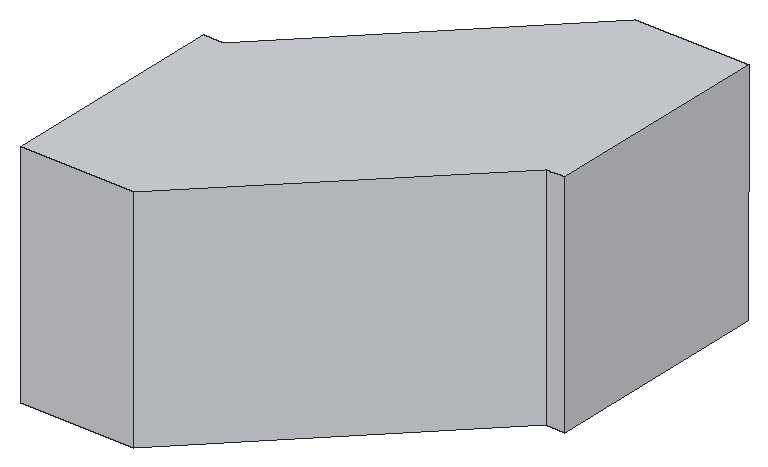
Revit family "M_Rectangular Offset - Plain - Flanged", category Duct Fittings, Revit 2014
Parameters (values of type "Standard")
  Offset 1 [instance] = Length 3 + Offset  # 3962.4 mm
  Length 3 [instance] = 3657.6 mm  # constant formula
  Duct Width [instance] = 304.8 mm
  Shoulder [instance] = 25.4 mm
  Length 1 [instance] = (Duct Width * tan(Angle / 2)) / 2 + Shoulder  # 88.526 mm
  Length 2 [instance] = abs(Offset / tan(Angle)) / 2  # 152.4 mm
  Duct Height [instance] = 304.8 mm
  Offset [instance] = 304.8 mm
  Assembly Code = ""
  Angle [instance] = 45.00°
Reference planes
  plane 1 "Center (Front/Back)": y = 0
  plane 2: z = 0
  plane 3 "Center (Left/Right)": x = 0
  plane 4: y = 152.4
  plane 5: x = 88.526
  plane 6: x = 240.926
  plane 7: x = 393.326
  plane 8: x = 481.852
  plane 9: y = 304.8
  plane 10: y = -3657.6
Forms (mm)
  Sweep 1, solid, detail levels medium+fine
    path in 3D
      loop
        line (0, 0, 0) -> (88.526, 0, 0) -> (393.326, 304.8, 0) -> (481.852, 304.8, 0)
    profile "M_Duct - Rectangular : Duct - Rectangular" origin (44.263, 0, 0) x (0, 1, 0) y (0, 0, 1)
      loop
        line (-152.4, 152.4) -> (-152.4, -152.4) -> (152.4, -152.4) -> (152.4, 152.4) -> (-152.4, 152.4)
Lines and regions (mm)
  model lines, detail levels coarse
    curve 1: line (0, 0, 0) -> (88.526, 0, 0)
    curve 2: line (88.526, 0, 0) -> (393.326, 304.8, 0)
    curve 3: line (393.326, 304.8, 0) -> (481.852, 304.8, 0)
  sketch lines
    curve 4: line (0, 0, 0) -> (88.526, 0, 0)
    curve 5: line (88.526, 0, 0) -> (393.326, 304.8, 0)
    curve 6: line (393.326, 304.8, 0) -> (481.852, 304.8, 0)
Dimensions and locks
  "Length 1": plane 3 "Center (Left/Right)" to plane 5
  "Length 2": plane 5 to plane 6
  "Length 2": plane 6 to plane 7
  "Length 1": plane 7 to plane 8
  equal spacing: plane 1 "Center (Front/Back)", plane 4, plane 9
  "Length 3": plane 10 to plane 1 "Center (Front/Back)"
  "Offset 1": plane 10 to plane 9
  aligned and locked: plane 3 "Center (Left/Right)" to curve 1
  aligned and locked: plane 1 "Center (Front/Back)" to curve 1
  aligned and locked: plane 1 "Center (Front/Back)" to curve 2
  aligned and locked: plane 5 to curve 2
  aligned and locked: plane 7 to curve 2
  aligned and locked: plane 9 to curve 2
  aligned and locked: plane 8 to curve 3
Connectors
  hvac at (0, 0, 0), driven by "Duct Height", driven by "Duct Width"
    settings: on Sweep 1, index 1, duct flow 0.0 L/s, flow factor 0, pres drop 0.0 Pa, loss coef 0, conn angle 0.00°, conn width 304.8 mm, conn height 304.8 mm, conn diameter 609.6 mm, duct sys type 28, conn prof type 1, flow config 0, flow direction 0, loss method 0, conn ref index 2, conn util no, is conn primary yes, conn desc ""
  hvac at (481.852, 304.8, 0), driven by "Duct Height", driven by "Duct Width"
    settings: on Sweep 1, index 2, duct flow 0.0 L/s, flow factor 0, pres drop 0.0 Pa, loss coef 0, conn angle 0.00°, conn width 304.8 mm, conn height 304.8 mm, conn diameter 609.6 mm, duct sys type 28, conn prof type 1, flow config 0, flow direction 0, loss method 0, conn ref index 1, conn util no, is conn primary no, conn desc ""
